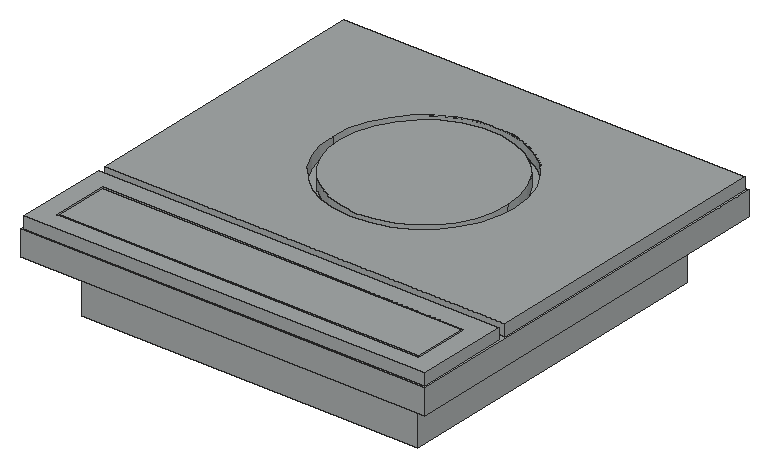
Revit family "Gira_5534926", category Electrical Fixtures, host Face, Revit 2017
Family settings
  Host = Face
  Maintain Annotation Orientation = Yes
  Round Connector Dimension = Use Diameter
  Part Type = Normal
  Cut with Voids When Loaded = No
  Shared = No
  Room Calculation Point = No
Parameters (values of type "Call btn mod.4-g System 106 alum.")
  Width = "0.1065"
  URL = "http://katalog.gira.de/en/datenblatt.html?artikelnr=5534926"
  Number of bell buttons = "4"
  Name = "Call btn mod.4-g System 106 alum."
  Model = "Sys106_Abdeckung_Schalten und Tasten"
  Manufacturer URL = "https://www.gira.de/"
  Manufacturer = "Gira"
  Installation technique = "Bus system"
  HeinzeBIM = "https://bimportal.heinze.de/bim/call-btn-mod-4-g-system-106-alum-/16f35217b783e103c3aeafbde09a74d563773de8"
  Height = "0.1065"
  HAN = "5534926"
  GTIN = "4010337022558"
  Edelstahl [instance] = Edelstahl
  Description = "C.btn mod.4g S106 AL,System 106 call-button module,4-gang,Aluminium,The Gira System 106 is an installation system made of metal in a puristic and elegant frameless design, based on basic measurements of 106.5 × 106.5 mm. With the modular door intercom in Gira System 106, hospitality begins even before you reach the front door. All the functions are presented in a harmonious overall appearance, from the call button module, intercom module, and camera module, up to the info and blank module. In the dark, backlit call buttons with inscription space ensure good legibility and an attractive appearance.,,Individually adaptable modular system, The System 106 can be used in family homes or apartment buildings, as well as in office buildings, industrial properties, and hotels. The modular design enables the system's size, design, and functionality to be individually adapted to the respective requirements. Expansions and changes are possible at any time by easily exchanging the modules.,With this system, it is also possible to exchange the fronts only. This means that the appearance of the system can be changed from e.g. traffic white to a stainless steel surface at a later stage, without having to exchange the electronic units.,,High-quality materials,The modules are frameless with design fronts made of genuine materials, available in two brushed stainless steel versions (V2A and V4A), anodised aluminium C-0, and a metal alloy lacquered in traffic white (RAL 9016): all robust materials which ensure durability. The camera and DIN 18040 display module feature a black glass cover.,,Easy and phased installation,The system can be installed in phases, in parallel to the progress of building work. In this way, it is possible to initially install only the lower part of a surface-mounted housing during construction of the shell; cables and modules can then be added when they are needed.,,Individual inscription options,Call button modules and info modules can be labelled individually via the Gira inscription service.,,Features:,- Easy-to-use, vandal-proof, and scratch-resistant call buttons.,- Function changes, e.g. from 2-gang to 4-gang, can be easily realised by replacing the buttons.,- Various inscription options possible.,,Notes :,- Professional labelling with the Gira Inscription Service www.marking.gira.com."
  Default Elevation = 1219.2 mm
  Data sheet (1) = "https://katalog.gira.de/en/download.html?artikelnr=5534926"
  Colour = "Silver"
  Category = "Functional module for door communication"
  BIM (1) = "https://media.stage.bim.site/public/gira/36a6b08/Sys106_Abdeckung_Schalten und Tasten.rfa?public/gira/36a6b08/Sys106_Abdeckung_Schalten und Tasten.rfa"
  Available = "No"
Reference planes
  plane 1 "Center (Front/Back)": y = 0
  plane 2 "Reference Level 0": z = 0
  plane 3 "Center (Left/Right)": x = 0
  plane 4 "Reference Level 1": z = 9.5
Forms (mm)
  Extrusion 1, solid, material "Edelstahl" <- "Edelstahl", detail levels coarse
    sketch origin (0, 0, 0) x (1, 0, 0) y (0, 1, 0)
      loop
        line (-53, 53) -> (-53, -53) -> (53, -53) -> (53, 53) -> (-53, 53)
    from -14.7 to 9.5
  Extrusion 2, solid, material "Edelstahl" <- "Edelstahl", detail levels fine
    sketch origin (0, 0, 0) x (1, 0, 0) y (0, 1, 0)
      loop
        line (52.5, -28) -> (-52.5, -28) -> (-52.5, -52.5) -> (52.5, -52.5) -> (52.5, -28)
      loop
        line (-47.5, -48) -> (47.5, -48) -> (47.5, -33) -> (-47.5, -33) -> (-47.5, -48)
    from 6.5 to 9.5
  Extrusion 3, solid, material "Edelstahl" <- "Edelstahl", detail levels fine
    sketch origin (0, 0, 0) x (1, 0, 0) y (0, 1, 0)
      loop
        line (-52.5, 52.5) -> (-52.5, -26) -> (52.5, -26) -> (52.5, 52.5) -> (-52.5, 52.5)
      loop
        circle (0, 13) r 24
    from 6.5 to 9.5
  Extrusion 4, solid, material "Edelstahl" <- "Edelstahl", detail levels medium+fine
    sketch origin (0, 0, 0) x (1, 0, 0) y (0, 1, 0)
      loop
        line (-53, 53) -> (-53, -53) -> (53, -53) -> (53, 53) -> (-53, 53)
    from 0 to 6.5
  Extrusion 5, solid, material "Edelstahl" <- "Edelstahl", detail levels fine
    sketch origin (0, 0, 0) x (1, 0, 0) y (0, 1, 0)
      loop
        line (-44, 44) -> (-44, -44) -> (44, -44) -> (44, 44) -> (-44, 44)
    from -14.7 to 0
  Extrusion 6, solid, material "Edelstahl" <- "Edelstahl", detail levels fine
    sketch origin (0, 0, 0) x (1, 0, 0) y (0, 1, 0)
      loop
        circle (0, 13) r 22
    from 6.5 to 9.5
  Extrusion 7, solid, material "Edelstahl" <- "Edelstahl", detail levels fine
    sketch origin (0, 0, 0) x (1, 0, 0) y (0, 1, 0)
      loop
        line (-47, -33.5) -> (-47, -47.5) -> (47, -47.5) -> (47, -33.5) -> (-47, -33.5)
    from 6.5 to 9.5
  Extrusion 8, solid, material "Edelstahl" <- "Edelstahl", detail levels medium
    sketch origin (0, 0, 0) x (1, 0, 0) y (0, 1, 0)
      loop
        line (-52.5, 52.5) -> (-52.5, -26) -> (52.5, -26) -> (52.5, 52.5) -> (-52.5, 52.5)
      loop
        line (-52.5, -28) -> (-52.5, -52.5) -> (52.5, -52.5) -> (52.5, -28) -> (-52.5, -28)
    from 6.5 to 9.5
  Extrusion 9, solid, material "Edelstahl" <- "Edelstahl", detail levels medium
    sketch origin (0, 0, 0) x (1, 0, 0) y (0, 1, 0)
      loop
        circle (0, 13) r 24
      loop
        line (-47.5, -33) -> (-47.5, -48) -> (47.5, -48) -> (47.5, -33) -> (-47.5, -33)
    from 6.5 to 9.5
Dimensions and locks
  aligned and locked: plane 2 "Reference Level 0" to host face
  aligned and locked: level to host face
  aligned and locked: Extrusion 4 to host face
  aligned and locked: Extrusion 4 to level
  aligned and locked: level to Extrusion 5
  aligned and locked: level to Extrusion 4
  aligned and locked: Extrusion 4 to plane 2 "Reference Level 0"
  aligned and locked: plane 2 "Reference Level 0" to Extrusion 5
  aligned and locked: plane 3 "Center (Left/Right)" to nested 1
  aligned and locked: plane 1 "Center (Front/Back)" to nested 1
Nested families
  nested 1: "Schalter" at (0, 0, 0), type "Schalter"
Connectors
  electrical at (0, 0, -14.7)
    settings: on Extrusion 5, index 1, voltage 220 V, apparent load 0 VA, apparent load phase1 0 VA, apparent load phase2 0 VA, apparent load phase3 0 VA, power factor 1, load classification "Other", number of poles 1, system type 30, power factor state 1, is connector primary yes, connector utility no, sub classification motor no, connector description ""
Definition of nested family "Schalter"
  Reference planes
    plane 1: y = 0
    plane 2: x = 0
  Lines and regions (mm)
    detail lines
      curve 1: circle (1.375, 2.778, 0) r 0.8 normal (0, 0, 1)
      curve 2: line (1.021, 2.061, 0) -> (0, 0, 0)
      curve 3: line (0, 0, 0) -> (-0.538, 0.266, 0)
  Dimensions and locks
    curve 2 to curve 2 = 2.3 mm
    curve 3 to curve 2 = 0.6 mm
    radius of curve 1 = 0.8 mm
